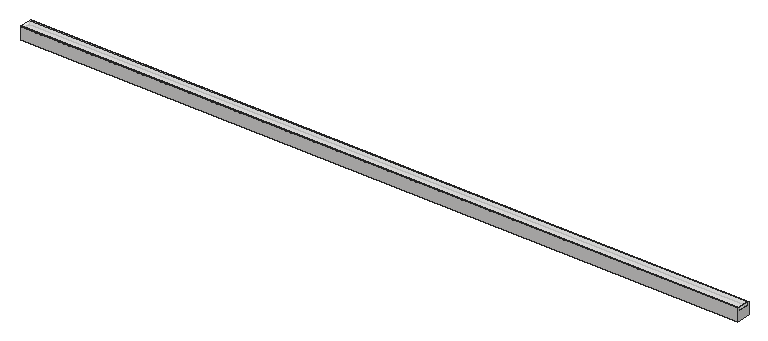
Revit family "Lighting-Luminii-Kurba_Small_Vertical", category Lighting Fixtures, host Face, Revit 2020
Family settings
  Host = Face
  Round Connector Dimension = Use Diameter
  Part Type = Normal
  OmniClass Number = 23.80.70.11.14.11
  OmniClass Title = Downlights
  Cut with Voids When Loaded = No
  Light Source = Yes
  Shared = Yes
  Room Calculation Point = No
Parameters (values of type "Kubra Small Vertical")
  Width = 55/128"  # constant formula
  Wattage Comments = "1.4 W/ft"
  Wattage = 1.4 W
  Warranty URL = "https://www.luminii.com/terms-conditions/"
  built-in parameter 1150110 = 1 (stored number, unit not read)
  Voltage Comments = "120VAC - 277VAC"  # constant formula
  Voltage = 120 V
  Version = "2020 - v1.0a"  # constant formula
  URL = "https://www.luminii.com/"
  built-in parameter 1114217 = 1 (stored number, unit not read)
  Tilt Angle = -90.00°  # constant formula
  built-in parameter 1150109 = 1 (stored number, unit not read)
  built-in parameter 1150134 = (empty or 0)
  built-in parameter 1150113 = 1 (stored number, unit not read)
  Support Phone = "224-699-9545"  # constant formula
  Support Email = "mailto:support@bimsmith.com"
  Product Page URL = "https://www.luminii.com/product/kurba-small-vertical/"
  Power Source Type = "Driver"  # constant formula
  Power Factor = 1
  Photometric Web File = "KBS-F-H-30K-IEPF-IEC-1M_IESNA2002.IES"
  Phase = 1
  Operating Temperature = "Consult Manufacturer Website for more Information"  # constant formula
  Number of Poles = if(and(or(Voltage = 120 V, Voltage = 277 V), Phase = 1), 1, if(and(or(Voltage = 208 V, Voltage = 240 V), Phase = 1), 2, if(and(or(Voltage = 208 V, Voltage = 240 V), Phase = 3), 3, if(and(Voltage > 300 V, Phase = 1), 2, if(and(Voltage > 400 V, Phase = 3), 3, 1)))))  # 1
  Mounting Method = "Mounting Options: Mounting Channel, Mounting Bracket"  # constant formula
  Model = "KBS-F-V"  # constant formula
  Manufacturer Phone Number = "403-216-7043"  # constant formula
  Manufacturer Email = "mailto: info@sensolighting.com"
  Manufacturer Address = "302 50 Ave SE. Calgary, Alberta, T2G 2A9 Canada"  # constant formula
  Manufacturer = "Luminii"  # constant formula
  built-in parameter 1150105 = 4.6145 (stored number, unit not read)
  Lumens = 57.988 lm
  Luminaire Type = "Flexible LED strip 24 VDC"  # constant formula
  built-in parameter 1150115 = 1 (stored number, unit not read)
  Load Classification = Lighting
  built-in parameter 1150137 = (empty or 0)
  built-in parameter 1150139 = (empty or 0)
  Lens Material = Plastic - Luminii - Frosted Lens
  Length [instance] = if(Desired Length < 12", 12", if(Desired Length > 216", 216", (round(Desired Length / 2")) * 2"))  # 24"
  built-in parameter 1150112 = 1 (stored number, unit not read)
  built-in parameter 1150114 = 1 (stored number, unit not read)
  Lamp Life = 1
  Lamp = "LED"  # constant formula
  Keynote = "26 50 00"
  built-in parameter 1150132 = (empty or 0)
  built-in parameter 1150102 = (empty or 0)
  built-in parameter 1150107 = 3000 (stored number, unit not read)
  Initial Color Comments = "Perfomance based on 3000K Photometric Web File"  # constant formula
  built-in parameter 1150138 = (empty or 0)
  built-in parameter 1150106 = 0.046145 (stored number, unit not read)
  Housing Protection Rating = "Consult Manufacturer Website for more Information"  # constant formula
  Height = 105/256"  # constant formula
  Has Dimming = 1 = 1  # yes
  Has Battery Backup = 0 = 1  # no
  Frequency Comments = ""  # constant formula
  Frequency = 60 Hz
  Finish = Metal - Luminii - Silver Anodized Aluminum
  Environment = "Outdoor Wet Location"  # constant formula
  Emit from Line Length = 48"
  built-in parameter 1150104 = 3.848 (stored number, unit not read)
  Dimming Type = "Consult Manufacturer Website for more Information"  # constant formula
  Dimming Lamp Color Temperature Shift = <None>
  Desired Length [instance] = 24"
  Description = "Flexible LED strip 24 VDC"  # constant formula
  Default Elevation = 0"  # constant formula
  Current Amps = 50 A
  Copyright = "©2024 Luminii"  # constant formula
  Control Zone = "Consult Manufacturer Website for more Information"  # constant formula
  Control Type = "Consult Manufacturer Website for more Information"  # constant formula
  Color Filter = 16777215
  built-in parameter 1114216 [instance] = 0  # (empty or 0)
  built-in parameter 1140040 [instance] = 1 = 1  # 1
  CCT = "3000K"
  built-in parameter 1114218 = 1 (stored number, unit not read)
  built-in parameter 1150133 = 10 (stored number, unit not read)
  Assembly Code = "D5040.50"
  Apparent Load = Wattage / Power Factor  # 1.4 VA
Reference planes (in)
  plane 1 "Center (Front/Back)": y = 0
  plane 2: z = 0
  plane 3 "Center (Left/Right)": x = 0
  plane 4: x = 0
  plane 5: x = 0
  plane 6: y = 0.21484
  plane 7: y = -0.21484
  plane 8: x = -12
  plane 9: x = 12
  plane 10: z = 0
  plane 11: z = 0.41016
Forms (in)
  Extrusion 1, solid, material "Metal - Luminii - Silver Anodized Aluminum", not visible
    sketch origin (0, 0, -0.01563) x (1, 0, 0) y (0, 1, 0)
      loop
        circle (0, 0) r 0.03125
    from 0.01562 to 0.02575
Dimensions and locks (in)
  equal spacing: plane 4, plane 3 "Center (Left/Right)", plane 5
  equal spacing: plane 6, plane 1 "Center (Front/Back)", plane 7
  plane 4 to plane 5 = 0"
  "Width": plane 6 to plane 7
  equal spacing: plane 8, plane 3 "Center (Left/Right)", plane 9
  "Length": plane 8 to plane 9
  Extrusion 1 to plane 2 = 0.01013"
  plane 1 "Center (Front/Back)" to imposter light = 0"
  locked: plane 10 to plane 2
  locked: Extrusion 1 to plane 10 at 0.01013
  "Height": plane 11 to plane 10
  aligned and locked: plane 2 to host face
  aligned and locked: plane 3 "Center (Left/Right)" to Extrusion 1 sketch curve
  aligned and locked: imposter light to plane 3 "Center (Left/Right)"
  aligned and locked: plane 1 "Center (Front/Back)" to Extrusion 1 sketch curve
  aligned and locked: plane 10 to Extrusion 1
  aligned and locked: imposter light to plane 11
  aligned and locked: plane 1 "Center (Front/Back)" to imposter light
Automatic sketch dimensions
  host sketch curve to host sketch curve = 96"  (x2)
  radius of Extrusion 1 sketch curve = 1/32"
Nested families (in)
  nested 1: "Nested Lamp" at (0, 0, 0), type "Nested Lamp"
Connectors (in)
  electrical at (0, 0, 0), driven by "Number of Poles", driven by "Load Classification", driven by "Voltage", driven by "Apparent Load", driven by "Power Factor"
    settings: on Extrusion 1, index 1, voltage 120 V, apparent load 1.4 VA, apparent load phase1 0 VA, apparent load phase2 0 VA, apparent load phase3 0 VA, power factor 1, load classification "Lighting", number of poles 1, system type 30, power factor state 1, is connector primary yes, connector utility no, sub classification motor no, connector description "Power Connection"
Definition of nested family "Nested Lamp"
  Parameters (values of type "Nested Lamp")
    Width = 55/128"
    Lens = none
    Length = 24"
    Height = 105/256"
    Finish = none
    Default Elevation = 48"
  Reference planes (in)
    plane 1 "Center (Front/Back)": y = 0
    plane 2: z = 0
    plane 3 "Center (Left/Right)": x = 0
    plane 4: x = -11.92187
    plane 5: x = 11.92188
    plane 6: x = 12
    plane 7: x = -12
    plane 8: y = 0.21484
    plane 9: y = -0.21484
    plane 10: z = 0.41016
  Forms (in)
    Extrusion 1, solid
      sketch origin (0, 0, 0) x (1, 0, 0) y (0, 1, 0)
        loop
          line (-48, 48) -> (-48, -48) -> (48, -48) -> (48, 48) -> (-48, 48)
      from 0 to -12
    Sweep 2, solid, material <- "Lens"
      path origin (0, 0, 0) x (1, 0, 0) y (0, 1, 0)
        loop
          line (-11.92187, 0) -> (11.92188, 0)
      profile origin (0, 0, 0) x (0, 1, 0) y (0, 0, 1)
        loop
          line (0.18359, 0.2967) -> (0.18359, 0.41016) -> (-0.18359, 0.41016) -> (-0.18359, 0.2967) -> (0.18359, 0.2967)
    Sweep 3, solid, material <- "Finish"
      path origin (0, 0, 0) x (1, 0, 0) y (0, 1, 0)
        loop
          line (-11.92187, 0) -> (11.92188, 0)
      profile origin (0, 0, 0) x (0, 1, 0) y (0, 0, 1)
        loop
          line (0.21484, 0) -> (0.21484, 0.41016) -> (0.18359, 0.41016) -> (0.18359, 0.2967) -> (-0.18359, 0.2967) -> (-0.18359, 0.41016) -> (-0.21484, 0.41016) -> (-0.21484, 0) -> (0.21484, 0)
  Dimensions and locks (in)
    "Length": plane 7 to plane 6
    locked: plane 7 to plane 4 at 0.07813
    locked: plane 5 to plane 6 at 0.07813
    equal spacing: plane 7, plane 3 "Center (Left/Right)", plane 6
    "Height": plane 10 to plane 2
    equal spacing: plane 8, plane 1 "Center (Front/Back)", plane 9
    "Width": plane 8 to plane 9
    aligned and locked: plane 2 to Extrusion 1
    aligned and locked: level to Extrusion 1
    aligned and locked: plane 5 to Sweep 2 sketch curve
    aligned and locked: plane 4 to Sweep 2 sketch curve
    aligned and locked: plane 1 "Center (Front/Back)" to Sweep 2 sketch curve
    aligned and locked: Sweep 2 sketch curve to plane 10
  Automatic sketch dimensions
    Extrusion 1 sketch curve to Extrusion 1 sketch curve = 96"  (x2)
    plane 1 "Center (Front/Back)" to Sweep 3 sketch curve = 0"
    Sweep 3 sketch curve to plane 4 = 0"
    Sweep 3 sketch curve to plane 5 = 0"
    Sweep 2 sketch curve to profile plane = 47/256"
    profile plane to Sweep 2 sketch curve = 47/256"
    Sweep 2 sketch curve to Sweep 2 sketch curve = 0.11346"
    Sweep 3 sketch curve to level = 0"
    profile plane to Sweep 3 sketch curve = 55/256"
    Sweep 3 sketch curve to profile plane = 55/256"
    Sweep 3 sketch curve to Sweep 3 sketch curve = 0.2967"
    Sweep 3 sketch curve to Sweep 3 sketch curve = 1/32"  (x2)
    Sweep 3 sketch curve to Sweep 3 sketch curve = 0.11346"  (x2)
